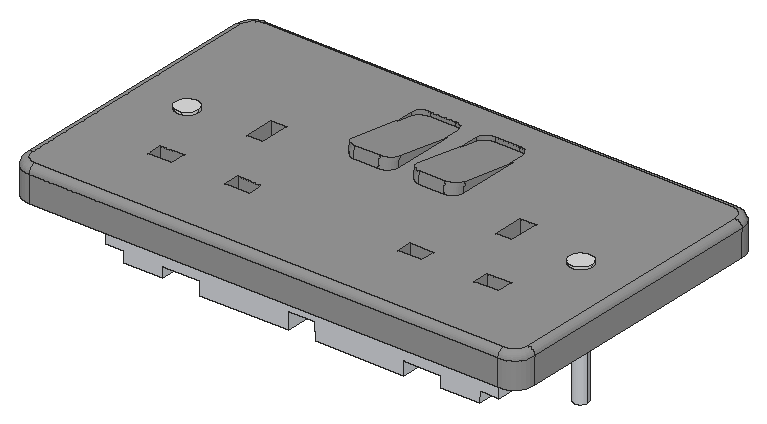
Revit family "ElectricalFixture_WiringAccessories_Hager_Sollyster_WMSS82", category Electrical Fixtures, host Face, Revit 2015
Parameters (values of type "WMSS82/HOUSERNG")
  Warranty ID = ""
  Voltage (Volts) = "230V/240V"
  Unique Reference = "WMSS82/HOUSERNG"
  Type = "ElectricalFixture"
  Technical Description = Description  # "2GangDoublePoleSwitchedSocketDualEarthMarkedHousering"
  Switch = yes
  Supply Phase = "1"
  Size = ""
  Shipping Weight kg = "0.188"
  Shape = "Rectangular"
  Reference Standard = "BS 1363-2"
  Product URL = "http://www.hager.co.uk/product-catalogue/wiring-accessories/sollysta/white-moulded/white-moulded-sockets/58428.htm"
  Product Range = "Sollysta"
  Product Model Number = "WMSS82/HOUSERNG"
  Product Literature = "http://www.hager.co.uk/product-catalogue/wiring-accessories/sollysta/38662.htm"
  Product Group = "WiringAccessories"
  Product Family = "WhiteMouldedSockets_SwitchedSockets"
  Packaging Recyclable = yes
  Overall Width = 0.0 mm
  Overall Length = 146.0 mm
  Overall Height = 86.0 mm
  Overall Depth = 26.07 mm
  Operation and Maintenance Manual = ""
  Name = "WhiteMouldedSocket_WMSS82/HOUSERNG"
  Measurement Units = "mm"
  Material = Urea Formaldehyde Thermoset Plastic
  Manufacturer Website = "http://www.hager.co.uk/"
  Manufacturer Country = "United Kingdom"
  Manufacturer = "Hager"
  LED Indicator Switch = no
  Gross Weight kg = "0.165"
  Frequency = "50/60Hz"
  Finish = "Gloss"
  Features = Description  # "2GangDoublePoleSwitchedSocketDualEarthMarkedHousering"
  Extrusion From Wall = 12.61 mm
  Expected Life = "25 years"
  EAN Code = "5015654749965"
  Distance From Edge = 57.0 mm
  Distance From Centre = 21.098 mm
  Design Country = "China"
  Description = "2GangDoublePoleSwitchedSocketDualEarthMarkedHousering"
  Default Elevation = 1219.2 mm
  Colour = "SollystaWhite"
  CE Approval = yes
Types (5, lengths in mm): name | Unique Reference | Technical Description | Switch | Product Model Number | Name | LED Indicator Switch | Features | EAN Code | Distance From Edge | Distance From Centre | Description
  WMSS82 | "WMSS82" | "2GangDoublePoleSwitchedSocketDualEarth" | yes | "WMSS82" | "WhiteMouldedSocket_WMSS82" | no | "2GangDoublePoleSwitchedSocketDualEarth" | "5015652261117" | 57.0 | 21.098 | "2GangDoublePoleSwitchedSocketDualEarth"
  WMSS82 N | "WMSS82N" | "2GangDoublePoleSwitchedSocketDualEarthWithLEDIndicators" | no | "WMSS82N" | "WhiteMouldedSocket_WMSS82N" | yes | "2GangDoublePoleSwitchedSocketDualEarthWithLEDIndicators" | "5015652261117" | 57.0 | 21.098 | "2GangDoublePoleSwitchedSocketDualEarthWithLEDIndicators"
  WMSS82O | "WMSS82O" | "2GangDoublePoleSwitchedSocketDualEarthOutboardRockers" | yes | "WMSS82O" | "WhiteMouldedSocket_WMSS82O" | no | "2GangDoublePoleSwitchedSocketDualEarthOutboardRockers" | "5015652261124" | 11.0 | 15.0 | "2GangDoublePoleSwitchedSocketDualEarthOutboardRockers"
  WMSS82ON | "WMSS82ON" | "2GangDoublePoleSwitchedSocketDualEarthOutboardRockerWithLEDIndicators" | no | "WMSS82ON" | "WhiteMouldedSocket_WMSS82ON" | yes | "2GangDoublePoleSwitchedSocketDualEarthOutboardRockerWithLEDIndicators" | "5015654745462" | 11.0 | 15.0 | "2GangDoublePoleSwitchedSocketDualEarthOutboardRockerWithLEDIndicators"
  WMSS82/HOUSERNG | "WMSS82/HOUSERNG" | "2GangDoublePoleSwitchedSocketDualEarthMarkedHousering" | yes | "WMSS82/HOUSERNG" | "WhiteMouldedSocket_WMSS82/HOUSERNG" | no | "2GangDoublePoleSwitchedSocketDualEarthMarkedHousering" | "5015654749965" | 57.0 | 21.098 | "2GangDoublePoleSwitchedSocketDualEarthMarkedHousering"
Reference planes
  plane 1 "Center (Front/Back)": y = 0
  plane 2: z = 0
  plane 3 "Center (Left/Right)": x = 0
  plane 4: y = -43
  plane 5: y = 43
  plane 6: x = -73
  plane 7: x = 73
  plane 8: z = 9.47
  plane 9: z = -16.6
  plane 10: z = 12.61
  plane 11: y = -471.393
  plane 12: z = -20.53
  plane 13: x = -2.586
  plane 14: x = -16
  plane 15: x = -38.077
  plane 16: x = -43.298
  plane 17: x = -50.332
  plane 18: x = -28.135
  plane 19: x = -21.098
  plane 20: x = -33.398
  plane 21: x = 2.586
  plane 22: x = 16
  plane 23: x = 38.077
  plane 24: x = 43.298
  plane 25: x = 50.332
  plane 26: x = 28.135
  plane 27: x = 21.098
  plane 28: x = 33.398
  plane 29: x = -56.219
  plane 30: x = 56.5
Forms (mm)
  Extrusion 1, solid, material "Urea Formaldehyde Thermoset Plastic", detail levels fine
    sketch origin (0, 0, 0) x (1, 0, 0) y (0, 1, 0)
      loop
        arc (67.146, -43) -> (71.285, -41.285) -> (73, -37.146) r 5.854
        line (73, -37.146) -> (73, 37.146)
        arc (73, 37.146) -> (71.285, 41.285) -> (67.146, 43) r 5.854
        line (67.146, 43) -> (-67.146, 43)
        arc (-67.146, 43) -> (-71.285, 41.285) -> (-73, 37.146) r 5.854
        line (-73, 37.146) -> (-73, -37.146)
        arc (-73, -37.146) -> (-71.285, -41.285) -> (-67.146, -43) r 5.854
        line (-67.146, -43) -> (67.146, -43)
      loop
        line (-16, 29.658) -> (-16, 8.552)
        spline (-16, 8.552) -> (-15.968, 8.217) -> (-15.912, 7.887) -> (-15.819, 7.565) -> (-15.691, 7.255) -> (-15.53, 6.961) -> (-15.336, 6.687) -> (-15.113, 6.437) -> (-14.864, 6.213) -> (-14.591, 6.018) -> (-14.298, 5.855) -> (-13.989, 5.725) -> (-13.667, 5.631)
        line (-13.667, 5.631) -> (-4.905, 5.631)
        spline (-4.905, 5.631) -> (-4.583, 5.725) -> (-4.274, 5.855) -> (-3.981, 6.018) -> (-3.709, 6.213) -> (-3.459, 6.437) -> (-3.236, 6.687) -> (-3.043, 6.961) -> (-2.881, 7.255) -> (-2.754, 7.565) -> (-2.661, 7.887) -> (-2.605, 8.217) -> (-2.586, 8.552)
        line (-2.586, 8.552) -> (-2.586, 29.658)
        spline (-2.586, 29.658) -> (-2.612, 30.049) -> (-2.689, 30.434) -> (-2.815, 30.806) -> (-2.988, 31.158) -> (-3.206, 31.484) -> (-3.465, 31.779) -> (-3.76, 32.037) -> (-4.086, 32.255) -> (-4.438, 32.429) -> (-4.809, 32.555) -> (-5.194, 32.632) -> (-5.586, 32.657)
        line (-5.586, 32.657) -> (-12.987, 32.694)
        spline (-12.987, 32.694) -> (-13.378, 32.632) -> (-13.763, 32.555) -> (-14.135, 32.429) -> (-14.487, 32.255) -> (-14.813, 32.037) -> (-15.108, 31.779) -> (-15.367, 31.484) -> (-15.585, 31.158) -> (-15.758, 30.806) -> (-15.884, 30.434) -> (-15.961, 30.049) -> (-16, 29.658)
      loop
        line (-38.077, 7.05) -> (-38.077, -1.65) -> (-33.398, -1.65) -> (-33.398, 7.05) -> (-38.077, 7.05)
      loop
        line (-50.332, -17.166) -> (-50.332, -21.803) -> (-43.298, -21.803) -> (-43.298, -17.166) -> (-50.332, -17.166)
      loop
        line (-28.135, -17.164) -> (-28.135, -21.8) -> (-21.098, -21.8) -> (-21.098, -17.164) -> (-28.135, -17.164)
      loop
        spline (2.586, 8.552) -> (2.612, 8.161) -> (2.689, 7.776) -> (2.815, 7.404) -> (2.988, 7.052) -> (3.206, 6.726) -> (3.465, 6.431) -> (3.76, 6.173) -> (4.086, 5.955) -> (4.438, 5.781) -> (4.809, 5.655) -> (5.194, 5.578) -> (5.586, 5.553)
        line (5.586, 5.553) -> (12.987, 5.553)
        spline (12.987, 5.553) -> (13.378, 5.578) -> (13.763, 5.655) -> (14.135, 5.781) -> (14.487, 5.955) -> (14.813, 6.173) -> (15.108, 6.431) -> (15.367, 6.726) -> (15.585, 7.052) -> (15.758, 7.404) -> (15.884, 7.776) -> (15.961, 8.161) -> (16, 8.552)
        line (16, 8.552) -> (15.986, 29.658)
        spline (15.986, 29.658) -> (15.961, 30.049) -> (15.884, 30.434) -> (15.758, 30.806) -> (15.585, 31.158) -> (15.367, 31.484) -> (15.108, 31.779) -> (14.813, 32.037) -> (14.487, 32.255) -> (14.135, 32.429) -> (13.763, 32.555) -> (13.378, 32.632) -> (12.987, 32.694)
        line (12.987, 32.694) -> (5.586, 32.657)
        spline (5.586, 32.657) -> (5.194, 32.632) -> (4.809, 32.555) -> (4.438, 32.429) -> (4.086, 32.255) -> (3.76, 32.037) -> (3.465, 31.779) -> (3.206, 31.484) -> (2.988, 31.158) -> (2.815, 30.806) -> (2.689, 30.434) -> (2.612, 30.049) -> (2.586, 29.658)
        line (2.586, 29.658) -> (2.586, 8.552)
      loop
        line (33.398, 7.05) -> (33.398, -1.65) -> (38.077, -1.65) -> (38.077, 7.05) -> (33.398, 7.05)
      loop
        line (21.098, -17.2) -> (21.098, -21.468) -> (28.135, -21.468) -> (28.135, -17.2) -> (21.098, -17.2)
      loop
        line (43.298, -17.2) -> (43.298, -21.8) -> (50.332, -21.8) -> (50.332, -17.2) -> (43.298, -17.2)
      loop
        circle (-56.448, 0) r 3.228
      loop
        circle (56.448, 0) r 3.228
    from 0 to 9.47
  Extrusion 2, solid, material "Urea Formaldehyde Thermoset Plastic", visible <- "Switch", detail levels fine
    sketch origin (24.754, -1.007, 4.067) x (-1, 0, 0) y (0, -0.987688, 0.156434)
      loop
        line (8.754, -8.53) -> (8.754, -29.653)
        arc (8.754, -29.653) -> (9.702, -31.94) -> (11.989, -32.888) r 3.235
        line (11.989, -32.888) -> (16.243, -32.888) -> (18.86, -32.888)
        arc (18.86, -32.888) -> (21.199, -31.919) -> (22.168, -29.58) r 3.308
        line (22.168, -29.58) -> (22.168, -8.616)
        arc (22.168, -8.616) -> (21.207, -6.296) -> (18.887, -5.335) r 3.281
        line (18.887, -5.335) -> (11.949, -5.335)
        arc (11.949, -5.335) -> (9.69, -6.271) -> (8.754, -8.53) r 3.194
    from 0 to 9.42
  Extrusion 3, solid, material "Urea Formaldehyde Thermoset Plastic", visible <- "Switch", detail levels fine
    sketch origin (-24.754, -1.007, 4.067) x (1, 0, 0) y (0, 0.987688, -0.156434)
      loop
        arc (8.754, 8.53) -> (9.69, 6.271) -> (11.949, 5.335) r 3.194
        line (11.949, 5.335) -> (18.887, 5.335)
        arc (18.887, 5.335) -> (21.207, 6.296) -> (22.168, 8.616) r 3.281
        line (22.168, 8.616) -> (22.168, 29.58)
        arc (22.168, 29.58) -> (21.199, 31.919) -> (18.86, 32.888) r 3.308
        line (18.86, 32.888) -> (16.243, 32.888) -> (11.989, 32.888)
        arc (11.989, 32.888) -> (9.702, 31.94) -> (8.754, 29.653) r 3.235
        line (8.754, 29.653) -> (8.754, 8.53)
    from 0 to 9.42
  Extrusion 4, solid, material "LED Indicator", visible <- "LED Indicator Switch", detail levels fine
    sketch origin (3.643, -0.227, 4.737) x (-1, 0, 0) y (0, -0.987688, 0.156434)
      loop
        line (-3.19, -29.269) -> (-8.066, -29.269) -> (-8.066, -32.25) -> (-3.19, -32.25) -> (-3.19, -29.269)
    from 0 to 8.737
  Extrusion 5, solid, material "Urea Formaldehyde Thermoset Plastic", visible <- "LED Indicator Switch", detail levels fine
    sketch origin (-66.357, -0.98, 4.059) x (-1, 0, 0) y (0, -0.987688, 0.156434)
      loop
        line (-82.357, -8.53) -> (-82.357, -29.653)
        arc (-82.357, -29.653) -> (-81.41, -31.94) -> (-79.122, -32.888) r 3.235
        line (-79.122, -32.888) -> (-78.066, -32.888) -> (-78.066, -29.907) -> (-75.671, -29.907) -> (-73.19, -29.907) -> (-73.19, -32.888) -> (-72.214, -32.888)
        arc (-72.214, -32.888) -> (-69.875, -31.919) -> (-68.906, -29.58) r 3.308
        line (-68.906, -29.58) -> (-68.906, -8.616)
        arc (-68.906, -8.616) -> (-69.867, -6.296) -> (-72.187, -5.335) r 3.281
        line (-72.187, -5.335) -> (-79.163, -5.335)
        arc (-79.163, -5.335) -> (-81.421, -6.271) -> (-82.357, -8.53) r 3.194
    from 0 to 9.42
  Extrusion 6, solid, material "Urea Formaldehyde Thermoset Plastic", visible <- "LED Indicator Switch", detail levels fine
    sketch origin (-86.943, -0.98, 4.059) x (-1, 0, 0) y (0, -0.987688, 0.156434)
      loop
        line (-84.357, -8.53) -> (-84.357, -29.653)
        arc (-84.357, -29.653) -> (-83.41, -31.94) -> (-81.122, -32.888) r 3.235
        line (-81.122, -32.888) -> (-80.066, -32.888) -> (-80.066, -29.907) -> (-77.671, -29.907) -> (-75.19, -29.907) -> (-75.19, -32.888) -> (-74.252, -32.888)
        arc (-74.252, -32.888) -> (-71.912, -31.919) -> (-70.943, -29.58) r 3.308
        line (-70.943, -29.58) -> (-70.943, -8.616)
        arc (-70.943, -8.616) -> (-71.904, -6.296) -> (-74.224, -5.335) r 3.281
        line (-74.224, -5.335) -> (-81.163, -5.335)
        arc (-81.163, -5.335) -> (-83.421, -6.271) -> (-84.357, -8.53) r 3.194
    from 0 to 9.42
  Extrusion 7, solid, material "LED Indicator", visible <- "LED Indicator Switch", detail levels fine
    sketch origin (-17.099, -0.227, 4.737) x (-1, 0, 0) y (0, -0.987688, 0.156434)
      loop
        line (-5.346, -29.269) -> (-10.222, -29.269) -> (-10.222, -32.25) -> (-5.346, -32.25) -> (-5.346, -29.269)
    from 0 to 8.737
  Sweep 8, void
    path origin (0, 0, 0) x (1, 0, 0) y (0, 1, 0)
      loop
        arc (67.146, -43) -> (71.285, -41.285) -> (73, -37.146) r 5.854
        line (73, -37.146) -> (73, 37.146)
        arc (73, 37.146) -> (71.285, 41.285) -> (67.146, 43) r 5.854
        line (67.146, 43) -> (-67.146, 43)
        arc (-67.146, 43) -> (-71.285, 41.285) -> (-73, 37.146) r 5.854
        line (-73, 37.146) -> (-73, -37.146)
        arc (-73, -37.146) -> (-71.285, -41.285) -> (-67.146, -43) r 5.854
        line (-67.146, -43) -> (67.146, -43)
    profile origin (0, -43, 0) x (0, -1, 0) y (0, 0, 1)
      loop
        line (0, 9.47) -> (-2, 9.47)
        arc (-2, 9.47) -> (-0.586, 8.884) -> (0, 7.47) r 2
        line (0, 7.47) -> (0, 9.47)
  Extrusion 9, solid, material "Steel, Chrome Plated", detail levels fine
    sketch origin (0, 0, 0) x (1, 0, 0) y (0, 1, 0)
      loop
        circle (-56.448, 0) r 3.228
    from 0 to 10
  Extrusion 10, solid, material "Steel, Chrome Plated", detail levels fine
    sketch origin (0, 0, 0) x (1, 0, 0) y (0, 1, 0)
      loop
        circle (56.448, 0) r 3.228
    from 0 to 10
  Extrusion 11, solid, material "Urea Formaldehyde Thermoset Plastic", detail levels medium
    sketch origin (0, 0, 0) x (1, 0, 0) y (0, 1, 0)
      loop
        line (-73, 43) -> (-73, -43) -> (73, -43) -> (73, 43) -> (-73, 43)
    from 0 to 9.47
  Extrusion 12, solid
    sketch origin (0, 0, 0) x (1, 0, 0) y (0, 1, 0)
      loop
        line (-56.219, 24.214) -> (-56.219, -29.319) -> (56.5, -29.319) -> (56.5, 24.214) -> (-56.219, 24.214)
    from -16.6 to 0
  Extrusion 13, void
    sketch origin (-73, -504.912, 0) x (1, 0, 0) y (0, 0, 1)
      loop
        line (129.5, -16.6) -> (129.5, -12.6) -> (124.162, -12.6) -> (124.083, -15.626) -> (112.914, -15.626) -> (112.835, -12.6) -> (102.245, -12.6) -> (102.296, -16.3) -> (76.834, -16.3) -> (76.705, -11.4) -> (73.985, -11.4) -> (69.295, -11.4) -> (69.166, -16.3) -> (43.735, -16.3) -> (43.638, -12.6) -> (33.165, -12.6) -> (33.086, -15.626) -> (21.917, -15.626) -> (21.838, -12.6) -> (16.781, -12.6) -> (16.781, -16.6) -> (129.5, -16.6)
    from -529.126 to -475.593
  Extrusion 14, solid
    sketch origin (0, 0, 0) x (1, 0, 0) y (0, 1, 0)
      loop
        circle (-56.448, 0) r 2
      loop
        circle (56.448, 0) r 1.961
    from -25.952 to 0
Cuts and joins
  Sweep 8 cuts Extrusion 1
  Extrusion 13 cuts Extrusion 12
Lines and regions (mm)
  symbolic lines, style "ElectricalFixtures", not visible, detail levels coarse
    curve 1: line (73.42, -504.912, 19.451) -> (3.42, -504.912, 19.451)
    curve 2: arc (73.42, -504.912, 19.451) -> (38.42, -504.912, 54.451) -> (3.42, -504.912, 19.451) r 35
    curve 3: circle (38.42, -504.912, 54.451) r 6 normal (0, 1, 0)
    curve 4: line (38.42, -504.912, 54.451) -> (38.42, -504.912, 99.451)
    curve 5: line (38.42, -504.912, 99.451) -> (68.42, -504.912, 99.451)
    curve 6: line (38.42, -504.912, 54.451) -> (10.78, -504.912, 87.391)
    curve 7: line (10.78, -504.912, 87.391) -> (-3.315, -504.912, 75.564)
    curve 8: line (0.509, -504.912, 19.451) -> (-69.491, -504.912, 19.451)
    curve 9: arc (0.509, -504.912, 19.451) -> (-34.491, -504.912, 54.451) -> (-69.491, -504.912, 19.451) r 35
    curve 10: circle (-34.491, -504.912, 54.451) r 6 normal (0, 1, 0)
    curve 11: line (-34.491, -504.912, 54.451) -> (-34.491, -504.912, 99.451)
    curve 12: line (-34.491, -504.912, 99.451) -> (-4.491, -504.912, 99.451)
    curve 13: line (-34.491, -504.912, 54.451) -> (-62.13, -504.912, 87.391)
    curve 14: line (-62.13, -504.912, 87.391) -> (-76.226, -504.912, 75.564)
  symbolic lines, style "ElectricalFixtures", detail levels coarse
    curve 15: line (-71.342, -504.912, 0) -> (-1.342, -504.912, 0)
    curve 16: arc (-71.342, -504.912, 0) -> (-36.342, -504.912, 35) -> (-1.342, -504.912, 0) r 35
    curve 17: circle (-36.342, -504.912, 35) r 6 normal (0, -1, 0)
    curve 18: line (-36.342, -504.912, 35) -> (-36.342, -504.912, 80)
    curve 19: line (-36.342, -504.912, 80) -> (-66.342, -504.912, 80)
    curve 20: line (-36.342, -504.912, 35) -> (-8.702, -504.912, 67.94)
    curve 21: line (-8.702, -504.912, 67.94) -> (5.393, -504.912, 56.113)
    curve 22: line (1.569, -504.912, 0) -> (71.569, -504.912, 0)
    curve 23: arc (1.569, -504.912, 0) -> (36.569, -504.912, 35) -> (71.569, -504.912, 0) r 35
    curve 24: circle (36.569, -504.912, 35) r 6 normal (0, -1, 0)
    curve 25: line (36.569, -504.912, 35) -> (36.569, -504.912, 80)
    curve 26: line (36.569, -504.912, 80) -> (6.569, -504.912, 80)
    curve 27: line (36.569, -504.912, 35) -> (64.209, -504.912, 67.94)
    curve 28: line (64.209, -504.912, 67.94) -> (78.304, -504.912, 56.113)
  model lines, detail levels coarse
    curve 29: line (16, 29.755, 0) -> (16, 8.553, 0)
  model lines
    curve 30: line (-73, 37.146, 0) -> (-73, -37.146, 0)
    curve 31: line (-67.146, -43, 0) -> (67.146, -43, 0)
    curve 32: arc (-73, -37.146, 0) -> (-71.285, -41.285, 0) -> (-67.146, -43, 0) r 5.854
    curve 33: arc (-67.146, 43, 0) -> (-71.285, 41.285, 0) -> (-73, 37.146, 0) r 5.854
    curve 34: line (67.146, 43, 0) -> (-67.146, 43, 0)
    curve 35: arc (73, 37.146, 0) -> (71.285, 41.285, 0) -> (67.146, 43, 0) r 5.854
    curve 36: line (73, -37.146, 0) -> (73, 37.146, 0)
    curve 37: arc (67.146, -43, 0) -> (71.285, -41.285, 0) -> (73, -37.146, 0) r 5.854
    curve 38: line (50.332, -21.8, 0) -> (43.298, -21.8, 0)
    curve 39: line (43.298, -21.8, 0) -> (43.298, -17.2, 0)
    curve 40: line (43.298, -17.2, 0) -> (50.332, -17.2, 0)
    curve 41: line (50.332, -17.2, 0) -> (50.332, -21.8, 0)
    curve 42: line (28.135, -21.468, 0) -> (21.098, -21.468, 0)
    curve 43: line (21.098, -21.468, 0) -> (21.098, -17.2, 0)
    curve 44: line (21.098, -17.2, 0) -> (28.135, -17.2, 0)
    curve 45: line (28.135, -17.2, 0) -> (28.135, -21.468, 0)
    curve 46: line (33.398, -1.65, 0) -> (33.398, 7.05, 0)
    curve 47: line (33.398, 7.05, 0) -> (38.077, 7.05, 0)
    curve 48: line (38.077, 7.05, 0) -> (38.077, -1.65, 0)
    curve 49: line (38.077, -1.65, 0) -> (33.398, -1.65, 0)
    curve 50: arc (53.22, 0, 0) -> (56.448, -3.228, 0) -> (59.677, 0, 0) r 3.228
    curve 51: arc (59.677, 0, 0) -> (56.448, 3.228, 0) -> (53.22, 0, 0) r 3.228
    curve 52: spline (5.699, 4.428, 0) -> (5.276, 4.458, 0) -> (4.862, 4.549, 0) -> (4.461, 4.699, 0) -> (4.082, 4.905, 0) -> (3.73, 5.164, 0) -> (3.412, 5.472, 0) -> (3.133, 5.822, 0) -> (2.898, 6.21, 0) -> (2.711, 6.628, 0) -> (2.575, 7.069, 0) -> (2.492, 7.526, 0) -> (2.465, 7.991, 0)
    curve 53: line (12.806, 4.428, 0) -> (5.699, 4.428, 0)
    curve 54: spline (16, 7.444, 0) -> (15.973, 7.033, 0) -> (15.891, 6.628, 0) -> (15.757, 6.237, 0) -> (15.572, 5.867, 0) -> (15.34, 5.524, 0) -> (15.064, 5.213, 0) -> (14.75, 4.941, 0) -> (14.403, 4.712, 0) -> (14.028, 4.529, 0) -> (13.632, 4.397, 0) -> (13.223, 4.316, 0) -> (12.806, 4.289, 0)
    curve 55: line (16, 7.444, 0) -> (16, 29.755, 0)
    curve 56: line (2.465, 29.709, 0) -> (2.465, 7.991, 0)
    curve 57: line (-43.298, -21.803, 0) -> (-50.332, -21.803, 0)
    curve 58: line (-50.332, -21.803, 0) -> (-50.332, -17.166, 0)
    curve 59: line (-50.332, -17.166, 0) -> (-43.298, -17.166, 0)
    curve 60: line (-43.298, -17.166, 0) -> (-43.298, -21.803, 0)
    curve 61: line (-21.098, -21.8, 0) -> (-28.135, -21.8, 0)
    curve 62: line (-28.135, -21.8, 0) -> (-28.135, -17.164, 0)
    curve 63: line (-28.135, -17.164, 0) -> (-21.098, -17.164, 0)
    curve 64: line (-21.098, -17.164, 0) -> (-21.098, -21.8, 0)
    curve 65: line (-38.077, -1.65, 0) -> (-38.077, 7.05, 0)
    curve 66: line (-38.077, 7.05, 0) -> (-33.398, 7.05, 0)
    curve 67: line (-33.398, 7.05, 0) -> (-33.398, -1.65, 0)
    curve 68: line (-33.398, -1.65, 0) -> (-38.077, -1.65, 0)
    curve 69: arc (-59.677, 0, 0) -> (-56.448, -3.228, 0) -> (-53.22, 0, 0) r 3.228
    curve 70: arc (-53.22, 0, 0) -> (-56.448, 3.228, 0) -> (-59.677, 0, 0) r 3.228
    curve 71: line (-5.781, 4.289, 0) -> (-12.719, 4.289, 0)
    curve 72: spline (-2.586, 7.444, 0) -> (-2.614, 7.033, 0) -> (-2.695, 6.628, 0) -> (-2.829, 6.237, 0) -> (-3.014, 5.867, 0) -> (-3.246, 5.524, 0) -> (-3.522, 5.213, 0) -> (-3.836, 4.941, 0) -> (-4.184, 4.712, 0) -> (-4.558, 4.529, 0) -> (-4.954, 4.397, 0) -> (-5.364, 4.316, 0) -> (-5.781, 4.289, 0)
    curve 73: spline (-12.719, 4.289, 0) -> (-13.147, 4.317, 0) -> (-13.568, 4.4, 0) -> (-13.975, 4.536, 0) -> (-14.359, 4.723, 0) -> (-14.716, 4.959, 0) -> (-15.039, 5.238, 0) -> (-15.322, 5.557, 0) -> (-15.56, 5.91, 0) -> (-15.75, 6.29, 0) -> (-15.888, 6.691, 0) -> (-15.972, 7.107, 0) -> (-16, 7.53, 0)
    curve 74: line (-16, 29.709, 0) -> (-16, 7.53, 0)
    curve 75: line (-2.586, 7.444, 0) -> (-2.586, 29.781, 0)
    curve 76: spline (-12.692, 32.977, 0) -> (-13.123, 32.949, 0) -> (-13.548, 32.865, 0) -> (-13.958, 32.728, 0) -> (-14.346, 32.539, 0) -> (-14.706, 32.301, 0) -> (-15.031, 32.019, 0) -> (-15.316, 31.698, 0) -> (-15.557, 31.343, 0) -> (-15.748, 30.959, 0) -> (-15.887, 30.555, 0) -> (-15.972, 30.135, 0) -> (-16, 29.709, 0)
    curve 77: line (-5.821, 32.993, 0) -> (-12.692, 32.993, 0)
    curve 78: spline (-2.586, 29.781, 0) -> (-2.614, 30.198, 0) -> (-2.697, 30.608, 0) -> (-2.833, 31.004, 0) -> (-3.02, 31.379, 0) -> (-3.255, 31.726, 0) -> (-3.534, 32.041, 0) -> (-3.852, 32.316, 0) -> (-4.204, 32.548, 0) -> (-4.583, 32.733, 0) -> (-4.984, 32.868, 0) -> (-5.399, 32.949, 0) -> (-5.821, 32.977, 0)
    curve 79: line (12.765, 32.95, 0) -> (5.434, 32.95, 0)
    curve 80: spline (5.434, 32.95, 0) -> (5.043, 32.876, 0) -> (4.664, 32.757, 0) -> (4.303, 32.594, 0) -> (3.964, 32.389, 0) -> (3.652, 32.145, 0) -> (3.372, 31.867, 0) -> (3.128, 31.557, 0) -> (2.924, 31.22, 0) -> (2.761, 30.862, 0) -> (2.644, 30.487, 0) -> (2.572, 30.101, 0) -> (2.549, 29.709, 0)
    curve 81: spline (16, 29.755, 0) -> (15.972, 30.172, 0) -> (15.89, 30.581, 0) -> (15.754, 30.977, 0) -> (15.567, 31.352, 0) -> (15.332, 31.7, 0) -> (15.053, 32.014, 0) -> (14.734, 32.289, 0) -> (14.383, 32.522, 0) -> (14.003, 32.706, 0) -> (13.602, 32.841, 0) -> (13.187, 32.922, 0) -> (12.765, 32.95, 0)
Dimensions and locks
  plane 10 to plane 9 = 29.21 mm
  plane 8 to plane 9 = 26.07 mm
  plane 2 to plane 9 = 16.6 mm
  "Overall Length": plane 6 to plane 7
  "Overall Height": plane 4 to plane 5
  "Overall Depth": plane 9 to plane 8
  "Extrusion From Wall": plane 2 to plane 10
  plane 8 to plane 12 = 30.0 mm
  plane 19 to plane 18 to plane 20 to plane 15 to plane 16 to plane 17 = 7.036 mm locked, 5.264 mm locked, 4.678 mm locked, 5.222 mm locked, 7.033 mm locked
  plane 13 to plane 14 = 13.414 mm
  "Distance From Edge": plane 6 to plane 14
  plane 27 to plane 26 to plane 28 to plane 23 to plane 24 to plane 25 = 7.036 mm locked, 5.264 mm locked, 4.678 mm locked, 5.222 mm locked, 7.033 mm locked
  "Distance From Edge": plane 22 to plane 7
  locked: plane 21 to plane 22 at 13.414
  "Distance From Centre": plane 3 "Center (Left/Right)" to plane 27
  "Distance From Centre": plane 19 to plane 3 "Center (Left/Right)"
  locked: Extrusion 1 sketch curve to Extrusion 1 sketch curve at 16.552  (x2)
  locked: plane 29 to plane 6 at 16.781
  locked: plane 30 to plane 7 at 16.5
  aligned and locked: plane 2 to host face
  aligned and locked: level to host face
  aligned and locked: Extrusion 1 sketch curve to plane 4
  aligned and locked: Extrusion 1 sketch curve to plane 7
  aligned and locked: Extrusion 1 sketch curve to plane 5
  aligned and locked: Extrusion 1 sketch curve to plane 6
  aligned and locked: plane 14 to Extrusion 1 sketch curve
  aligned and locked: plane 13 to Extrusion 1 sketch curve
  aligned and locked: plane 15 to Extrusion 1 sketch curve
  aligned and locked: plane 20 to Extrusion 1 sketch curve
  aligned and locked: plane 17 to Extrusion 1 sketch curve
  aligned and locked: plane 16 to Extrusion 1 sketch curve
  aligned and locked: plane 18 to Extrusion 1 sketch curve
  aligned and locked: plane 19 to Extrusion 1 sketch curve
  aligned and locked: Extrusion 1 sketch curve to plane 21
  aligned and locked: Extrusion 1 sketch curve to plane 22
  aligned and locked: Extrusion 1 sketch curve to plane 28
  aligned and locked: Extrusion 1 sketch curve to plane 23
  aligned and locked: Extrusion 1 sketch curve to plane 27
  aligned and locked: Extrusion 1 sketch curve to plane 26
  aligned and locked: Extrusion 1 sketch curve to plane 24
  aligned and locked: Extrusion 1 sketch curve to plane 25
  aligned and locked: Extrusion 1 to plane 8
  aligned and locked: curve 29 to plane 22
  aligned and locked: plane 21 to Extrusion 2
  aligned and locked: plane 22 to Extrusion 2 sketch curve
  aligned and locked: plane 14 to Extrusion 3
  aligned and locked: plane 13 to Extrusion 3
  aligned and locked: Extrusion 2 to Extrusion 1  (x2)
  aligned and locked: Extrusion 3 to Extrusion 1  (x2)
  aligned and locked: Extrusion 5 to Extrusion 1
  aligned and locked: Extrusion 4 sketch curve to Extrusion 5
  aligned and locked: Extrusion 6 to Extrusion 1
  aligned and locked: Extrusion 6 sketch curve to Extrusion 1  (x2)
  aligned and locked: Extrusion 7 to Extrusion 6  (x2)
  aligned and locked: Sweep 8 sketch curve to plane 4
  aligned and locked: Sweep 8 sketch curve to plane 6
  aligned and locked: Sweep 8 sketch curve to plane 5
  aligned and locked: Sweep 8 sketch curve to plane 7
  aligned and locked: Extrusion 9 sketch curve to cut or joined group of Extrusion 1, Sweep 8  (x2)
  aligned and locked: Extrusion 10 sketch curve to cut or joined group of Extrusion 1, Sweep 8  (x2)
  aligned and locked: curve 32 to cut or joined group of Extrusion 1, Sweep 8
  aligned and locked: curve 33 to cut or joined group of Extrusion 1, Sweep 8
  aligned and locked: curve 35 to cut or joined group of Extrusion 1, Sweep 8
  aligned and locked: curve 37 to cut or joined group of Extrusion 1, Sweep 8
  aligned and locked: curve 38 to cut or joined group of Extrusion 1, Sweep 8
  aligned and locked: curve 39 to cut or joined group of Extrusion 1, Sweep 8
  aligned and locked: curve 40 to cut or joined group of Extrusion 1, Sweep 8
  aligned and locked: curve 41 to cut or joined group of Extrusion 1, Sweep 8
  aligned and locked: curve 42 to cut or joined group of Extrusion 1, Sweep 8
  aligned and locked: curve 43 to cut or joined group of Extrusion 1, Sweep 8
  aligned and locked: curve 44 to cut or joined group of Extrusion 1, Sweep 8
  aligned and locked: curve 45 to cut or joined group of Extrusion 1, Sweep 8
  aligned and locked: curve 46 to cut or joined group of Extrusion 1, Sweep 8
  aligned and locked: curve 47 to cut or joined group of Extrusion 1, Sweep 8
  aligned and locked: curve 48 to cut or joined group of Extrusion 1, Sweep 8
  aligned and locked: curve 49 to cut or joined group of Extrusion 1, Sweep 8
  aligned and locked: curve 50 to Extrusion 10
  aligned and locked: curve 51 to Extrusion 10
  aligned and locked: curve 55 to Extrusion 5
  aligned and locked: curve 57 to cut or joined group of Extrusion 1, Sweep 8
  aligned and locked: curve 58 to cut or joined group of Extrusion 1, Sweep 8
  aligned and locked: curve 59 to cut or joined group of Extrusion 1, Sweep 8
  aligned and locked: curve 60 to cut or joined group of Extrusion 1, Sweep 8
  aligned and locked: curve 61 to cut or joined group of Extrusion 1, Sweep 8
  aligned and locked: curve 62 to cut or joined group of Extrusion 1, Sweep 8
  aligned and locked: curve 63 to cut or joined group of Extrusion 1, Sweep 8
  aligned and locked: curve 64 to cut or joined group of Extrusion 1, Sweep 8
  aligned and locked: curve 65 to cut or joined group of Extrusion 1, Sweep 8
  aligned and locked: curve 66 to cut or joined group of Extrusion 1, Sweep 8
  aligned and locked: curve 67 to cut or joined group of Extrusion 1, Sweep 8
  aligned and locked: curve 68 to cut or joined group of Extrusion 1, Sweep 8
  aligned and locked: curve 69 to Extrusion 9
  aligned and locked: curve 70 to Extrusion 9
  aligned and locked: curve 71 to Extrusion 6
  aligned and locked: curve 74 to Extrusion 6
  aligned and locked: curve 75 to Extrusion 6
  aligned and locked: curve 77 to Extrusion 7
  aligned and locked: curve 79 to Extrusion 2
  aligned and locked: Extrusion 11 sketch curve to plane 6
  aligned and locked: Extrusion 11 sketch curve to plane 4
  aligned and locked: Extrusion 11 sketch curve to plane 7
  aligned and locked: Extrusion 11 sketch curve to plane 5
  aligned and locked: Extrusion 11 to plane 8
  aligned and locked: Extrusion 11 to level
  aligned and locked: plane 9 to Extrusion 12
  aligned and locked: plane 2 to Extrusion 12
  aligned and locked: Extrusion 13 sketch curve to plane 9
  aligned and locked: Extrusion 13 to Extrusion 12  (x3)
  aligned and locked: Extrusion 12 to Extrusion 13
  aligned and locked: plane 29 to cut or joined group of Extrusion 12, Extrusion 13
  aligned and locked: plane 30 to cut or joined group of Extrusion 12, Extrusion 13
  aligned and locked: level to Extrusion 14
Automatic sketch dimensions
  host sketch curve to host sketch curve = 2438.4 mm  (x2)
  plane 5 to Sweep 8 sketch curve = 5.854 mm  (x2)
  plane 6 to Sweep 8 sketch curve = 5.854 mm
  Sweep 8 sketch curve to plane 4 = 5.854 mm
  Sweep 8 sketch curve to profile plane = 0.0 mm
  level to Sweep 8 sketch curve = 7.47 mm
  Sweep 8 sketch curve to Sweep 8 sketch curve = 2.0 mm
  curve 29 to plane 1 "Center (Front/Back)" = 8.553 mm
  plane 1 "Center (Front/Back)" to Extrusion 1 sketch curve = 0.0 mm  (x2)
  Extrusion 1 sketch curve to plane 13 = 0.0 mm
  plane 6 to Extrusion 1 sketch curve = 5.854 mm
  Extrusion 1 sketch curve to plane 4 = 5.854 mm  (x2)
  Extrusion 1 sketch curve to plane 14 = 2.333 mm
  Extrusion 1 sketch curve to plane 13 = 2.319 mm
  Extrusion 1 sketch curve to plane 22 = 3.013 mm
  plane 5 to Extrusion 1 sketch curve = 5.854 mm
  Extrusion 1 sketch curve to plane 4 = 21.197 mm
  Extrusion 1 sketch curve to plane 4 = 21.2 mm  (x2)
  plane 1 "Center (Front/Back)" to Extrusion 1 sketch curve = 21.468 mm
  Extrusion 1 sketch curve to Extrusion 1 sketch curve = 4.268 mm
  Extrusion 1 sketch curve to Extrusion 1 sketch curve = 4.6 mm
  Extrusion 1 sketch curve to Extrusion 1 sketch curve = 4.637 mm
  Extrusion 1 sketch curve to Extrusion 1 sketch curve = 4.636 mm
  plane 1 "Center (Front/Back)" to Extrusion 1 sketch curve = 1.65 mm  (x2)
  Extrusion 1 sketch curve to plane 1 "Center (Front/Back)" = 5.553 mm
  Extrusion 1 sketch curve to plane 1 "Center (Front/Back)" = 5.631 mm
  Extrusion 1 sketch curve to plane 1 "Center (Front/Back)" = 7.05 mm  (x2)
  Extrusion 1 sketch curve to Extrusion 1 sketch curve = 3.0 mm  (x3)
  plane 5 to Extrusion 1 sketch curve = 13.342 mm
  Extrusion 1 sketch curve to Extrusion 1 sketch curve = 0.0 mm  (x12)
  Extrusion 1 sketch curve to plane 14 = 0.014 mm  (x2)
  Extrusion 1 sketch curve to plane 14 = 3.013 mm
  Extrusion 1 sketch curve to Extrusion 1 sketch curve = 0.001 mm  (x7)
  Extrusion 1 sketch curve to Extrusion 1 sketch curve = 2.122 mm  (x5)
  Extrusion 1 sketch curve to Extrusion 1 sketch curve = 3.155 mm
  Extrusion 1 sketch curve to plane 13 = 3.0 mm  (x2)
  Extrusion 1 sketch curve to plane 13 = 0.878 mm
  Extrusion 1 sketch curve to plane 21 = 3.0 mm  (x4)
  Extrusion 1 sketch curve to plane 22 = 3.014 mm
  Extrusion 1 sketch curve to plane 22 = 0.892 mm  (x2)
  Extrusion 1 sketch curve to plane 22 = 0.014 mm  (x2)
  Extrusion 1 sketch curve to Extrusion 1 sketch curve = 2.121 mm  (x2)
  Extrusion 1 sketch curve to Extrusion 1 sketch curve = 2.123 mm  (x2)
  Extrusion 1 sketch curve to Extrusion 1 sketch curve = 0.036 mm  (x2)
  Extrusion 2 sketch curve to plane 21 = 0.0 mm
  Extrusion 2 sketch curve to plane 22 = 3.194 mm
  Extrusion 2 sketch curve to plane 22 = 3.235 mm
  Extrusion 2 sketch curve to Extrusion 2 sketch curve = 4.253 mm
  Extrusion 2 sketch curve to Extrusion 2 sketch curve = 2.617 mm
  Extrusion 2 sketch curve to Extrusion 2 sketch curve = 3.281 mm
  Extrusion 2 sketch curve to Extrusion 2 sketch curve = 20.963 mm
  Extrusion 3 sketch curve to plane 14 = 0.0 mm
  Extrusion 3 sketch curve to plane 13 = 0.0 mm
  Extrusion 3 sketch curve to plane 14 = 3.194 mm
  Extrusion 3 sketch curve to plane 14 = 3.235 mm
  Extrusion 3 sketch curve to Extrusion 3 sketch curve = 4.253 mm
  Extrusion 3 sketch curve to Extrusion 3 sketch curve = 2.617 mm
  Extrusion 3 sketch curve to Extrusion 3 sketch curve = 3.281 mm
  Extrusion 3 sketch curve to Extrusion 3 sketch curve = 20.963 mm
  Extrusion 4 sketch curve to plane 22 = 4.291 mm
  Extrusion 4 sketch curve to Extrusion 4 sketch curve = 2.981 mm
  Extrusion 5 sketch curve to plane 22 = 0.0 mm
  Extrusion 5 sketch curve to plane 22 = 3.194 mm
  Extrusion 5 sketch curve to plane 22 = 3.235 mm
  Extrusion 5 sketch curve to Extrusion 5 sketch curve = 1.056 mm
  Extrusion 5 sketch curve to Extrusion 5 sketch curve = 2.395 mm
  Extrusion 5 sketch curve to Extrusion 5 sketch curve = 2.48 mm
  Extrusion 5 sketch curve to Extrusion 5 sketch curve = 0.977 mm
  Extrusion 5 sketch curve to plane 21 = 3.243 mm
  plane 21 to Extrusion 5 sketch curve = 0.038 mm
  Extrusion 5 sketch curve to Extrusion 5 sketch curve = 0.0 mm
  Extrusion 5 sketch curve to Extrusion 5 sketch curve = 0.254 mm
  Extrusion 5 sketch curve to Extrusion 5 sketch curve = 20.963 mm
  Extrusion 6 sketch curve to Extrusion 6 sketch curve = 3.194 mm
  Extrusion 6 sketch curve to plane 13 = 3.235 mm
  Extrusion 6 sketch curve to Extrusion 6 sketch curve = 1.056 mm
  Extrusion 6 sketch curve to Extrusion 6 sketch curve = 2.395 mm
  Extrusion 6 sketch curve to Extrusion 6 sketch curve = 2.48 mm
  Extrusion 6 sketch curve to Extrusion 6 sketch curve = 0.939 mm
  Extrusion 6 sketch curve to plane 14 = 3.281 mm
  Extrusion 6 sketch curve to Extrusion 6 sketch curve = 0.0 mm
  Extrusion 6 sketch curve to Extrusion 6 sketch curve = 0.327 mm
  Extrusion 6 sketch curve to Extrusion 6 sketch curve = 20.963 mm
  Extrusion 7 sketch curve to plane 13 = 4.291 mm
  Extrusion 7 sketch curve to plane 14 = 4.247 mm
  Extrusion 7 sketch curve to Extrusion 7 sketch curve = 2.981 mm
  plane 21 to curve 52 = 0.122 mm
  curve 53 to plane 21 = 3.112 mm
  curve 53 to plane 1 "Center (Front/Back)" = 4.428 mm
  curve 53 to plane 22 = 3.194 mm
  curve 53 to curve 52 = 3.564 mm
  curve 55 to curve 29 = 1.109 mm
  curve 52 to curve 54 = 3.913 mm
  curve 54 to curve 53 = 0.139 mm
  curve 71 to plane 14 = 3.281 mm
  curve 71 to plane 13 = 3.194 mm
  curve 71 to curve 72 = 3.155 mm
  curve 71 to curve 73 = 3.241 mm
  curve 74 to curve 33 = 7.437 mm
  plane 5 to curve 75 = 13.219 mm
  curve 76 to curve 76 = 3.308 mm
  curve 76 to curve 76 = 3.268 mm
  curve 76 to curve 77 = 0.0 mm
  curve 77 to plane 13 = 3.235 mm
  curve 76 to curve 78 = 3.635 mm
  curve 78 to curve 77 = 0.016 mm
  curve 55 to curve 35 = 7.392 mm
  plane 5 to curve 56 = 13.291 mm
  curve 79 to plane 21 = 2.847 mm
  curve 79 to plane 22 = 3.235 mm
  plane 21 to curve 80 = 0.038 mm
  curve 81 to curve 81 = 3.235 mm
  curve 56 to curve 80 = 0.0 mm
  curve 79 to curve 80 = 0.423 mm
  plane 14 to Extrusion 12 sketch curve = 40.219 mm
  Extrusion 12 sketch curve to plane 4 = 13.681 mm
  plane 22 to Extrusion 12 sketch curve = 40.5 mm
  plane 5 to Extrusion 12 sketch curve = 18.786 mm
  plane 17 to Extrusion 13 sketch curve = 0.83 mm
  plane 17 to Extrusion 13 sketch curve = 0.751 mm
  plane 15 to Extrusion 13 sketch curve = 1.838 mm
  plane 15 to Extrusion 13 sketch curve = 1.759 mm
  plane 18 to Extrusion 13 sketch curve = 1.13 mm
  plane 26 to Extrusion 13 sketch curve = 1.11 mm
  plane 23 to Extrusion 13 sketch curve = 1.759 mm
  plane 25 to Extrusion 13 sketch curve = 0.751 mm
  plane 25 to Extrusion 13 sketch curve = 0.83 mm
  Extrusion 13 sketch curve to plane 9 = 0.974 mm  (x2)
  Extrusion 13 sketch curve to plane 9 = 4.0 mm  (x2)
  Extrusion 13 sketch curve to Extrusion 13 sketch curve = 3.026 mm  (x2)
  Extrusion 13 sketch curve to plane 9 = 0.3 mm  (x2)
  Extrusion 13 sketch curve to plane 3 "Center (Left/Right)" = 3.834 mm
  Extrusion 13 sketch curve to Extrusion 13 sketch curve = 0.128 mm  (x2)
  plane 3 "Center (Left/Right)" to Extrusion 13 sketch curve = 3.705 mm
  plane 26 to Extrusion 13 sketch curve = 1.161 mm
  Extrusion 13 sketch curve to Extrusion 13 sketch curve = 4.9 mm
  plane 3 "Center (Left/Right)" to Extrusion 13 sketch curve = 0.985 mm
  plane 23 to Extrusion 13 sketch curve = 1.838 mm
  plane 22 to Extrusion 13 sketch curve = 40.5 mm
  plane 14 to Extrusion 13 sketch curve = 40.219 mm
  plane 18 to Extrusion 13 sketch curve = 1.227 mm
  plane 1 "Center (Front/Back)" to Extrusion 14 sketch curve = 0.0 mm  (x2)
  plane 29 to Extrusion 14 sketch curve = 0.229 mm
  plane 30 to Extrusion 14 sketch curve = 0.052 mm
  radius of Extrusion 1 sketch curve = 3.228 mm  (x2)
  radius of Extrusion 14 sketch curve = 2.0 mm
  radius of Extrusion 14 sketch curve = 1.961 mm
Nested families
  nested 1: "LED Switch" at (115.776, 36.364, 0), type "LED Switch"
  nested 2: "LED Switch" at (-1946.613, 203, 0), type "LED Switch"
Definition of nested family "LED Switch"
  Parameters (values of type "LED Switch")
    LED Indicator Switch = no
  Reference planes
    plane 1 "Center (Front/Back)": y = 0
    plane 2: z = 0
    plane 3 "Center (Left/Right)": x = 0
  Forms (mm)
    Extrusion 1, solid, visible <- "LED Indicator Switch", detail levels fine
      sketch origin (-4.952, -17.415, 4.745) x (-1, 0, 0) y (0, -0.987688, 0.156434)
        loop
          line (-2.778, -29.269) -> (-7.654, -29.269) -> (-7.654, -32.25) -> (-2.778, -32.25) -> (-2.778, -29.269)
      from 0 to 8.633
    Extrusion 2, solid, visible <- "LED Indicator Switch", detail levels fine
      sketch origin (-74.952, -18.168, 4.067) x (-1, 0, 0) y (0, -0.987688, 0.156434)
        loop
          line (-82.054, -8.53) -> (-82.054, -29.653)
          arc (-82.054, -29.653) -> (-81.106, -31.94) -> (-78.819, -32.888) r 3.235
          line (-78.819, -32.888) -> (-77.654, -32.888) -> (-77.654, -29.907) -> (-75.259, -29.907) -> (-72.778, -29.907) -> (-72.778, -32.888) -> (-71.698, -32.888)
          arc (-71.698, -32.888) -> (-69.359, -31.919) -> (-68.39, -29.58) r 3.308
          line (-68.39, -29.58) -> (-68.39, -8.616)
          arc (-68.39, -8.616) -> (-69.351, -6.296) -> (-71.671, -5.335) r 3.281
          line (-71.671, -5.335) -> (-78.859, -5.335)
          arc (-78.859, -5.335) -> (-81.118, -6.271) -> (-82.054, -8.53) r 3.194
      from 0 to 9.42
  Dimensions and locks
    aligned and locked: level to plane 2
